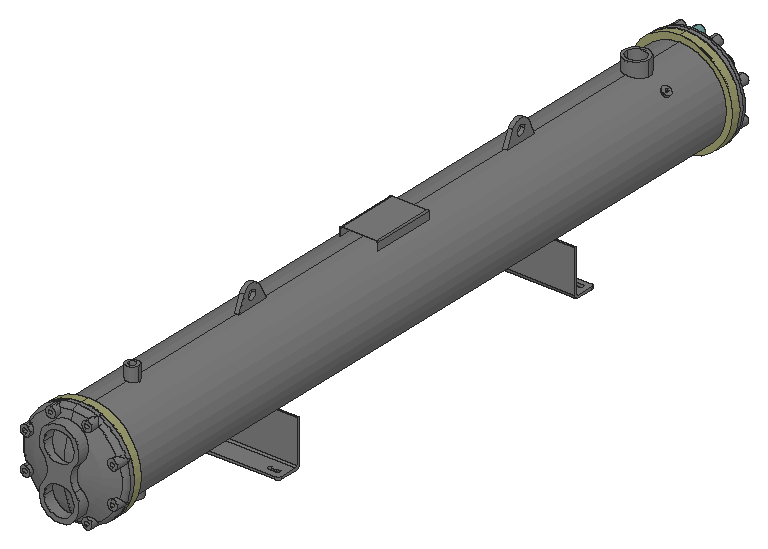
Revit family "MIT-BCM_265_4P", category Specialty Equipment, Revit 2022
Family settings
  Round Connector Dimension = Use Radius
  Part Type = Normal
  Work Plane-Based = No
  Always vertical = Yes
  Cut with Voids When Loaded = No
  Maintain Annotation Orientation = No
  Shared = No
  Room Calculation Point = No
Parameters
  URL = "https://en.ekinendustriyel.com/evaporators-and-condensers"
  Test Pressure = 64.35 bar
  Production Standard = "TS EN 13831"
  Operating Pressure = 45.0 bar
  Model = "MIT-BCM 265_4P"
  Manufacturer = "Ekin Endüstriyel"
  Keynote = "Condensers"
  Description = "MIT- Condensers"
  Default Elevation = 0 mm
Reference planes
  plane 1 "Center (Front/Back)": y = 0
  plane 2: z = 0
  plane 3 "Center (Left/Right)": x = 0
Forms (mm)
  Extrusion 1, solid, material "Ekin Endustriyel-S235JR"
    sketch origin (0, 0, 0) x (1, 0, 0) y (0, 0, 1)
      loop
        circle (0, 189.55) r 109.55
    from -880 to 880
  Extrusion 2, solid, material "Ekin Endustriyel-S235JR", detail levels fine
    sketch origin (0, 0, 53.995) x (1, 0, 0) y (0, 0, 1)
      loop
        line (-45, 235.88) -> (-44, 235.88) -> (-44, 252.88)
        arc (-44, 252.88) -> (-43.414, 254.294) -> (-42, 254.88) r 2
        line (-42, 254.88) -> (42, 254.88)
        arc (42, 254.88) -> (43.414, 254.294) -> (44, 252.88) r 2
        line (44, 252.88) -> (44, 235.88) -> (45, 235.88) -> (45, 252.88)
        arc (45, 252.88) -> (44.121, 255.002) -> (42, 255.88) r 3
        line (42, 255.88) -> (-42, 255.88)
        arc (-42, 255.88) -> (-44.121, 255.002) -> (-45, 252.88) r 3
        line (-45, 252.88) -> (-45, 235.88)
    from -75 to 75
  Extrusion 3, solid, material "Ekin Endustriyel-S235JR", detail levels fine
    sketch origin (0, 500.19, 28.671) x (1, 0, 0) y (0, 1, 0)
      loop
        circle (0, 249.81) r 29.75
      loop
        circle (0, 249.81) r 23.144
    from 300.429 to 204.31
  Extrusion 4, solid, material "Ekin Endustriyel-S235JR", detail levels fine
    sketch origin (0, -499.666, 25.55) x (1, 0, 0) y (0, 1, 0)
      loop
        circle (0, -250.334) r 15.25
      loop
        circle (0, -250.334) r 8.928
    from 303.756 to 211.07
  Extrusion 5, solid, material "Ekin Endustriyel-S235JR", detail levels fine
    sketch origin (71.72, 749.856, 264.541) x (0, 1, 0) y (-0.707107, 0, 0.707107)
      loop
        circle (0.144, 9.086) r 11
      loop
        circle (0.144, 9.086) r 4.56
    from 9.086 to -32.02
  Extrusion 6, solid, material "Ekin Endustriyel-S235JR", detail levels fine
    sketch origin (0, -500.291, 0) x (1, 0, 0) y (0, 1, 0)
      loop
        circle (0, -249.709) r 23.75
      loop
        circle (0, -249.709) r 20.109
    from 50 to 169.15
  Extrusion 7, solid, material "Ekin Endustriyel-S235JR", detail levels medium+fine
    sketch origin (0, 1180.334, 12.15) x (1, 0, 0) y (0, 0, 1)
      loop
        circle (0, 164.15) r 100
    from 280.334 to 300.334
  Extrusion 8, solid, material "Ekin Endustriyel-AISI316L", detail levels medium+fine
    sketch origin (0, 549.666, 12.15) x (1, 0, 0) y (0, 0, -1)
      loop
        circle (0, -177) r 125
    from 330.334 to 350.334
  Revolve 9, solid, material "Ekin Endustriyel-S235JR", detail levels medium+fine
    sketch origin (0, 549.666, 12.15) x (0, -1, 0) y (0, 0, -1)
      loop
        line (-350.334, -301.755) -> (-350.334, -177.003) -> (-403.289, -177.003)
        arc (-403.289, -177.003) -> (-395.664, -237.012) -> (-374.553, -293.699) r 263.464
        arc (-374.553, -293.699) -> (-369.114, -299.581) -> (-361.403, -301.755) r 14.761
        line (-361.403, -301.755) -> (-350.334, -301.755)
      axis (-350.334, -177.003) -> (-403.289, -177.003)
    angle from 0 to 360
  Extrusion 10, solid, material "Ekin Endustriyel-S235JR", detail levels coarse
    sketch origin (0, 0, 12.15) x (1, 0, 0) y (0, 0, 1)
      loop
        circle (0, 177) r 125
    from -957 to 966.924
  Extrusion 11, solid, material "Ekin Endustriyel-S235JR"
    sketch origin (0, 275.334, 0) x (0, 1, 0) y (0, 0, 1)
      loop
        arc (134.666, 9) -> (137.302, 2.636) -> (143.666, 0) r 9
        line (143.666, 0) -> (194.666, 0) -> (194.666, 5) -> (143.666, 5)
        arc (143.666, 5) -> (140.837, 6.172) -> (139.666, 9) r 4
        line (139.666, 9) -> (139.666, 110) -> (134.666, 110) -> (134.666, 9)
    from -125 to 125
  Extrusion 12, void
    sketch origin (0, 470, 5) x (0, -1, 0) y (1, 0, 0)
      loop
        line (25.25, 88.5) -> (25.25, 108.5)
        arc (25.25, 108.5) -> (20, 113.75) -> (14.75, 108.5) r 5.25
        line (14.75, 108.5) -> (14.75, 88.5)
        arc (14.75, 88.5) -> (20, 83.25) -> (25.25, 88.5) r 5.25
      loop
        line (10, 125) -> (-10, 125) -> (-10, -125) -> (10, -125)
        arc (10, -125) -> (2.929, -122.071) -> (0, -115) r 10
        line (0, -115) -> (0, 115)
        arc (0, 115) -> (2.929, 122.071) -> (10, 125) r 10
      loop
        arc (14.75, -108.5) -> (20, -113.75) -> (25.25, -108.5) r 5.25
        line (25.25, -108.5) -> (25.25, -88.5)
        arc (25.25, -88.5) -> (20, -83.25) -> (14.75, -88.5) r 5.25
        line (14.75, -88.5) -> (14.75, -108.5)
    from -5 to 0
  Extrusion 13, solid, material "Ekin Endustriyel-S235JR"
    sketch origin (0, -275.334, 0) x (0, -1, 0) y (0, 0, -1)
      loop
        line (134.666, -9) -> (134.666, -110) -> (139.666, -110) -> (139.666, -9)
        arc (139.666, -9) -> (140.837, -6.172) -> (143.666, -5) r 4
        line (143.666, -5) -> (194.666, -5) -> (194.666, 0) -> (143.666, 0)
        arc (143.666, 0) -> (137.302, -2.636) -> (134.666, -9) r 9
    from -125 to 125
  Extrusion 14, void
    sketch origin (0, -470, 5) x (0, 1, 0) y (-1, 0, 0)
      loop
        arc (25.25, -88.5) -> (20, -83.25) -> (14.75, -88.5) r 5.25
        line (14.75, -88.5) -> (14.75, -108.5)
        arc (14.75, -108.5) -> (20, -113.75) -> (25.25, -108.5) r 5.25
        line (25.25, -108.5) -> (25.25, -88.5)
      loop
        arc (10, -125) -> (2.929, -122.071) -> (0, -115) r 10
        line (0, -115) -> (0, 115)
        arc (0, 115) -> (2.929, 122.071) -> (10, 125) r 10
        line (10, 125) -> (-10, 125) -> (-10, -125) -> (10, -125)
      loop
        line (14.75, 108.5) -> (14.75, 88.5)
        arc (14.75, 88.5) -> (20, 83.25) -> (25.25, 88.5) r 5.25
        line (25.25, 88.5) -> (25.25, 108.5)
        arc (25.25, 108.5) -> (20, 113.75) -> (14.75, 108.5) r 5.25
    from -5 to 0
  Extrusion 15, solid, material "Ekin Endustriyel-S235JR", detail levels medium+fine
    sketch origin (40, -549.666, 12.133) x (1, 0, 0) y (0, 0, 1)
      loop
        circle (-40, 234.5) r 36.3
      loop
        circle (-40, 119.5) r 36.3
      loop
        arc (-3.858, 150.013) -> (-12.768, 177) -> (-3.858, 203.987) r 45.323
        arc (-3.858, 203.987) -> (-40, 281.8) -> (-76.142, 203.987) r 47.3
        arc (-76.142, 203.987) -> (-67.232, 177) -> (-76.142, 150.013) r 45.323
        arc (-76.142, 150.013) -> (-40, 72.2) -> (-3.858, 150.013) r 47.3
    from 390.526 to 417.259
  Extrusion 16, solid, material "Ekin Endustriyel-Zinc", detail levels medium+fine
    sketch origin (0, 550.334, 12.15) x (1, 0, 0) y (0, 0, 1)
      loop
        circle (0.148, 285.985) r 12.497
      loop
        circle (0.148, 285.985) r 5.497
    from -387.666 to -367.889
  Extrusion 17, solid, material "Ekin Endustriyel-S235JR", detail levels medium+fine
    sketch origin (0, -549.666, 12.133) x (1, 0, 0) y (0, 0, -1)
      loop
        circle (-43.117, -280.877) r 12
      loop
        circle (-43.117, -280.877) r 5.497
      loop
        circle (43.117, -280.877) r 12
      loop
        circle (43.117, -280.877) r 5.497
      loop
        circle (104.001, -219.992) r 12
      loop
        circle (104.001, -219.992) r 5.497
      loop
        circle (104.001, -134.055) r 12
      loop
        circle (104.001, -134.055) r 5.497
      loop
        circle (43.282, -73.179) r 12
      loop
        circle (43.282, -73.179) r 5.497
      loop
        circle (-104.001, -219.992) r 12
      loop
        circle (-104.001, -219.992) r 5.497
      loop
        circle (-104.001, -134.055) r 12
      loop
        circle (-104.001, -134.055) r 5.497
      loop
        circle (-43.282, -73.179) r 12
      loop
        circle (-43.282, -73.179) r 5.497
    from -388.334 to -355.334
  Extrusion 18, solid, material "Ekin Endustriyel-S235JR", detail levels fine
    sketch origin (0, -0.334, 25.265) x (0, -1, 0) y (0, 0, -1)
      loop
        line (-440.334, -273.721) -> (-422.806, -309.676)
        arc (-422.806, -309.676) -> (-400.334, -323.721) -> (-377.863, -309.676) r 25
        line (-377.863, -309.676) -> (-360.334, -273.721) -> (-440.334, -273.721)
      loop
        circle (-400.334, -298.721) r 12.5
      loop
        line (439.666, -273.721) -> (359.666, -273.721) -> (377.194, -309.676)
        arc (377.194, -309.676) -> (399.666, -323.721) -> (422.137, -309.676) r 25
        line (422.137, -309.676) -> (439.666, -273.721)
      loop
        circle (399.666, -298.721) r 12.5
    from -5 to 5
  Extrusion 19, solid, material "Ekin Endustriyel-S235JR", detail levels medium+fine
    sketch origin (-164.15, 550.334, 176.3) x (0, 0, -1) y (1, 0, 0)
      loop
        circle (-60.178, 211.509) r 20
      loop
        circle (34.988, 116.302) r 17
    from -406.666 to -351.666
  Extrusion 20, solid, material "Ekin Endustriyel-AISI316L", detail levels medium+fine
    sketch origin (0, -549.666, 12.133) x (1, 0, 0) y (0, 0, 1)
      loop
        circle (0, 177) r 125
    from 330.334 to 350.334
  Revolve 21, solid, material "Ekin Endustriyel-S235JR", detail levels medium+fine
    sketch origin (0, -549.666, 12.133) x (0, 1, 0) y (0, 0, 1)
      loop
        line (-350.334, 301.755) -> (-361.403, 301.755)
        arc (-361.403, 301.755) -> (-369.114, 299.581) -> (-374.553, 293.699) r 14.761
        arc (-374.553, 293.699) -> (-395.664, 237.012) -> (-403.289, 177.003) r 263.464
        line (-403.289, 177.003) -> (-350.334, 177.003) -> (-350.334, 301.755)
      axis (-350.334, 177.003) -> (-403.289, 177.003)
    angle from 0 to 360
  Extrusion 22, solid, material "Ekin Endustriyel-S235JR", detail levels medium+fine
    sketch origin (0, 550.334, 12.15) x (1, 0, 0) y (0, 0, 1)
      loop
        circle (-43.117, 280.877) r 12
      loop
        circle (-43.117, 280.877) r 5.497
      loop
        circle (43.117, 280.877) r 12
      loop
        circle (43.117, 280.877) r 5.497
      loop
        circle (104.001, 219.992) r 12
      loop
        circle (104.001, 219.992) r 5.497
      loop
        circle (104.001, 134.055) r 12
      loop
        circle (104.001, 134.055) r 5.497
      loop
        circle (43.282, 73.179) r 12
      loop
        circle (43.282, 73.179) r 5.497
      loop
        circle (-104.001, 219.992) r 12
      loop
        circle (-104.001, 219.992) r 5.497
      loop
        circle (-104.001, 134.055) r 12
      loop
        circle (-104.001, 134.055) r 5.497
      loop
        circle (-43.282, 73.179) r 12
      loop
        circle (-43.282, 73.179) r 5.497
      loop
        circle (0.148, 67.765) r 12.497
      loop
        circle (0.148, 67.765) r 5.497
    from -387.666 to -367.889
Cuts and joins
  Extrusion 12, Extrusion 14 cuts Extrusion 11
  Extrusion 14 cuts Extrusion 13
  joined: Extrusion 1, Extrusion 11, Extrusion 13
Dimensions and locks
  aligned and locked: level to plane 2
Connectors
  piping at (0, -966.924, 246.633), diameter 63.6
    settings: on Extrusion 15, index 1, connector inside diameter 609.6 mm, connector length 0 mm, flow factor 0, pipe flow 0.0 L/s, pressure drop 0.0 Pa, fitting loss kfactor 0, connector angle 0.00°, fixture units 0, engagement length 0 mm, angle of deflection 0.00°, flow configuration 0, flow direction 1, fitting loss method 0, system type 7, joint type 0, gender type 0, connector reference index -1, connector utility 0, adjustable connector no, is connector primary yes, connector description ""
  piping at (0, -966.924, 131.633), diameter 63.6
    settings: on Extrusion 15, index 2, connector inside diameter 609.6 mm, connector length 0 mm, flow factor 0, pipe flow 0.0 L/s, pressure drop 0.0 Pa, fitting loss kfactor 0, connector angle 0.00°, fixture units 0, engagement length 0 mm, angle of deflection 0.00°, flow configuration 0, flow direction 2, fitting loss method 0, system type 7, joint type 0, gender type 0, connector reference index -1, connector utility 0, adjustable connector no, is connector primary no, connector description ""
  hvac at (0, 750, 329.1)
    settings: on Extrusion 3, index 3, duct flow 0.0 L/s, flow factor 0, pres drop 0.0 bar, loss coef 0, conn angle 0.00°, conn width 304.8 mm, conn height 304.8 mm, conn diameter 54 mm, duct sys type 3, conn prof type 0, flow config 0, flow direction 0, loss method 0, conn ref index -1, conn util no, is conn primary yes, conn desc ""
  hvac at (0, -750, 50)
    settings: on Extrusion 6, index 4, duct flow 0.0 L/s, flow factor 0, pres drop 0.0 bar, loss coef 0, conn angle 0.00°, conn width 304.8 mm, conn height 304.8 mm, conn diameter 42 mm, duct sys type 3, conn prof type 0, flow config 0, flow direction 0, loss method 0, conn ref index -1, conn util no, is conn primary no, conn desc ""
